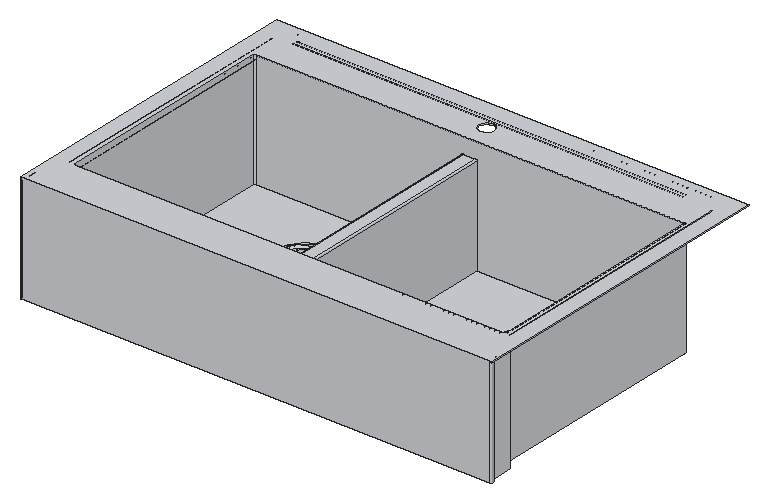
Revit family "Sink-Kitchen-KOHLER-Vault-K-3944_1", category Plumbing Fixtures, host Face, Revit 2015 (continued)
Definition of nested family "K-3944"
  Dimensions and locks (in)
    aligned and locked: plane 19 to Extrusion 21 sketch curve
    aligned and locked: plane 18 to Extrusion 21 sketch curve
    aligned and locked: plane 24 to Extrusion 22 sketch curve
    aligned and locked: plane 25 to Extrusion 22 sketch curve
  Automatic sketch dimensions
    Extrusion 1 sketch curve to plane 4 = 0"
    plane 15 to Extrusion 1 sketch curve = 0"
    Extrusion 1 sketch curve to plane 5 = 0"
    plane 7 to Extrusion 1 sketch curve = 0"
    Extrusion 1 sketch curve to plane 6 = 0"
    plane 15 to Extrusion 1 sketch curve = 39/256"
    plane 4 to Extrusion 1 sketch curve = 1.514"
    plane 12 to Extrusion 1 sketch curve = 0.07225"
    Extrusion 1 sketch curve to Extrusion 1 sketch curve = 39/256"  (x2)
    plane 5 to Extrusion 1 sketch curve = 1.66767"
    plane 5 to Extrusion 1 sketch curve = 1.66634"
    plane 11 "A" to Extrusion 2 sketch curve = 0.0585"
    Extrusion 2 sketch curve to plane 3 "Center (Left/Right)" = 9/16"
    Extrusion 2 sketch curve to Extrusion 2 sketch curve = 0.10906"
    plane 3 "Center (Left/Right)" to Extrusion 2 sketch curve = 0.45607"
    plane 3 "Center (Left/Right)" to Extrusion 2 sketch curve = 0.56138"
    Extrusion 2 sketch curve to level = 1.36069"
    plane 15 to Extrusion 3 sketch curve = 0"
    Extrusion 3 sketch curve to plane 12 = 0"
    plane 12 to Extrusion 3 sketch curve = 39/256"
    plane 4 to Extrusion 3 sketch curve = 1.514"
    Extrusion 3 sketch curve to Extrusion 3 sketch curve = 39/256"
    plane 5 to Extrusion 3 sketch curve = 1.66767"
    plane 15 to Extrusion 3 sketch curve = 39/256"
    plane 5 to Extrusion 3 sketch curve = 1.66634"
    Extrusion 4 sketch curve to plane 3 "Center (Left/Right)" = 0.57222"
    Extrusion 4 sketch curve to Extrusion 4 sketch curve = 0.10906"  (x2)
    plane 3 "Center (Left/Right)" to Extrusion 4 sketch curve = 0.46076"
    plane 11 "A" to Extrusion 4 sketch curve = 0.00059"
    Extrusion 4 sketch curve to level = 1.34211"
    Extrusion 5 sketch curve to plane 15 = 0.01802"
    plane 6 to Extrusion 5 sketch curve = 0.06825"
    plane 11 "A" to Extrusion 5 sketch curve = 0.0585"
    Extrusion 5 sketch curve to level = 1/16"
    plane 11 "A" to Extrusion 6 sketch curve = 0.08373"
    plane 5 to Extrusion 6 sketch curve = 1 1/2"
    Extrusion 6 sketch curve to plane 5 = 0.02642"
    Extrusion 6 sketch curve to level = 1/16"
    Extrusion 7 sketch curve to plane 4 = 0.0846"
    plane 11 "A" to Extrusion 7 sketch curve = 0.12841"
    plane 4 to Extrusion 7 sketch curve = 1.42879"
    Extrusion 7 sketch curve to level = 1/16"
    Extrusion 8 sketch curve to plane 12 = 0"
    plane 11 "A" to Extrusion 8 sketch curve = 0.0585"
    plane 7 to Extrusion 8 sketch curve = 1/4"
    Extrusion 8 sketch curve to level = 1/16"
    plane 7 to Extrusion 9 sketch curve = 0"
    Extrusion 9 sketch curve to plane 13 = 0"  (x2)
    plane 4 to Extrusion 9 sketch curve = 0.06592"
    Extrusion 9 sketch curve to Extrusion 9 sketch curve = 0.02069"
    Extrusion 9 sketch curve to Extrusion 9 sketch curve = 0.03794"
    Extrusion 9 sketch curve to Extrusion 9 sketch curve = 0.0014"
    plane 4 to Extrusion 9 sketch curve = 0.19355"
    Extrusion 9 sketch curve to Extrusion 9 sketch curve = 0.00114"  (x2)
    Extrusion 9 sketch curve to Extrusion 9 sketch curve = 0.03064"
    Extrusion 9 sketch curve to Extrusion 9 sketch curve = 0.02457"  (x2)
    plane 4 to Extrusion 9 sketch curve = 0.25711"
    Extrusion 9 sketch curve to Extrusion 9 sketch curve = 0.048"  (x2)
    plane 5 to Extrusion 9 sketch curve = 0.30511"
    Extrusion 9 sketch curve to Extrusion 9 sketch curve = 0.00721"
    Extrusion 9 sketch curve to Extrusion 9 sketch curve = 0.06242"
    plane 5 to Extrusion 9 sketch curve = 0.12455"
    Extrusion 9 sketch curve to Extrusion 9 sketch curve = 0.00036"
    Extrusion 9 sketch curve to Extrusion 9 sketch curve = 0.03758"
    Extrusion 9 sketch curve to Extrusion 9 sketch curve = 0.02222"
    Extrusion 9 sketch curve to plane 7 = 0.03304"
    Extrusion 9 sketch curve to Extrusion 9 sketch curve = 0.07864"  (x2)
    Extrusion 9 sketch curve to Extrusion 9 sketch curve = 0.00791"
    Extrusion 9 sketch curve to Extrusion 9 sketch curve = 0.00839"
    Extrusion 9 sketch curve to Extrusion 9 sketch curve = 0.09428"  (x2)
    Extrusion 9 sketch curve to Extrusion 9 sketch curve = 0.04124"  (x2)
    Blend 10 sketch curve to plane 12 = 0"
    Blend 10 sketch curve to plane 15 = 0.01802"
    plane 3 "Center (Left/Right)" to Blend 10 sketch curve = 0.56138"
    plane 5 to Blend 10 sketch curve = 1 1/2"
    Blend 10 sketch curve to Blend 10 sketch curve = 0"  (x12)
    plane 8 to Blend 10 sketch curve = 0"
    plane 16 to Blend 10 sketch curve = 0"
    Blend 10 sketch curve to plane 8 = 1.74236"
    Blend 10 sketch curve to plane 8 = 1.78443"
    plane 8 to Blend 10 sketch curve = 1.72914"
    plane 8 to Blend 10 sketch curve = 1.90496"
    Blend 10 sketch curve to plane 1 "Center (Front/Back)" = 1.0243"
    Revolve 11 sketch curve to plane 8 = 0.08267"  (x2)
    plane 11 "A" to Revolve 11 sketch curve = 0.04158"
    plane 8 to Revolve 11 sketch curve = 1.51423"
    Revolve 11 sketch curve to plane 11 "A" = 0.01219"
    Revolve 11 sketch curve to Revolve 11 sketch curve = 0.40696"
    Revolve 11 sketch curve to plane 10 "B" = 0.26714"
    plane 10 "B" to Revolve 11 sketch curve = 0.15269"
    plane 10 "B" to Revolve 12 sketch curve = 0.07793"
    Revolve 12 sketch curve to plane 8 = 0.0791"  (x2)
    Revolve 12 sketch curve to plane 8 = 0.07653"
    Revolve 12 sketch curve to plane 8 = 0.00212"
    Revolve 12 sketch curve to plane 11 "A" = 0.08213"
    plane 8 to Revolve 12 sketch curve = 0.2375"
    plane 10 "B" to Revolve 12 sketch curve = 0.11031"
    Revolve 12 sketch curve to Revolve 12 sketch curve = 1.07508"
    Revolve 12 sketch curve to Revolve 12 sketch curve = 0.02238"
    Revolve 12 sketch curve to Revolve 12 sketch curve = 0.0363"
    Revolve 12 sketch curve to Revolve 12 sketch curve = 0.02051"
    Revolve 12 sketch curve to Revolve 12 sketch curve = 0.03717"
    Revolve 12 sketch curve to Revolve 12 sketch curve = 0.03807"
    Revolve 12 sketch curve to plane 11 "A" = 0.00898"
    Revolve 12 sketch curve to Revolve 12 sketch curve = 0.30096"
    Revolve 12 sketch curve to Revolve 12 sketch curve = 0.40583"
    Revolve 12 sketch curve to Revolve 12 sketch curve = 0.04509"
    Revolve 12 sketch curve to plane 10 "B" = 0.40379"
    Revolve 12 sketch curve to Revolve 12 sketch curve = 0.05285"
    Revolve 12 sketch curve to plane 10 "B" = 0.52456"
    plane 11 "A" to Revolve 12 sketch curve = 0.13146"
    Revolve 12 sketch curve to Revolve 12 sketch curve = 0.03736"
    Revolve 12 sketch curve to plane 11 "A" = 0.06756"
    Revolve 12 sketch curve to Revolve 12 sketch curve = 0.07271"
    Revolve 12 sketch curve to Revolve 12 sketch curve = 0"  (x3)
    Revolve 12 sketch curve to plane 10 "B" = 0.20698"
    Revolve 12 sketch curve to Revolve 12 sketch curve = 0.04575"
    Extrusion 13 sketch curve to Extrusion 13 sketch curve = 0"  (x2)
    Extrusion 13 sketch curve to plane 8 = 0.08267"
    plane 16 to Extrusion 13 sketch curve = 0.09181"
    Extrusion 13 sketch curve to Extrusion 13 sketch curve = 1.78464"
    Revolve 14 sketch curve to plane 9 = 0.08267"  (x2)
    plane 11 "A" to Revolve 14 sketch curve = 0.04158"
    plane 9 to Revolve 14 sketch curve = 1.51423"
    Revolve 14 sketch curve to plane 11 "A" = 0.01219"
    Revolve 14 sketch curve to Revolve 14 sketch curve = 0.40696"
    plane 10 "B" to Revolve 14 sketch curve = 0.15269"
    Revolve 14 sketch curve to plane 10 "B" = 0.26714"
    Revolve 15 sketch curve to plane 10 "B" = 0"
    Revolve 15 sketch curve to plane 9 = 0.0791"  (x2)
    Revolve 15 sketch curve to plane 9 = 0.07653"
    Revolve 15 sketch curve to plane 9 = 0.00212"
    Revolve 15 sketch curve to plane 11 "A" = 0.08213"
    plane 9 to Revolve 15 sketch curve = 0.2375"
    plane 10 "B" to Revolve 15 sketch curve = 0.09062"
    Revolve 15 sketch curve to Revolve 15 sketch curve = 1.07508"
    Revolve 15 sketch curve to Revolve 15 sketch curve = 0.02238"
    plane 10 "B" to Revolve 15 sketch curve = 0.02051"
    Revolve 15 sketch curve to Revolve 15 sketch curve = 0.0363"
    Revolve 15 sketch curve to Revolve 15 sketch curve = 0.03717"
    Revolve 15 sketch curve to Revolve 15 sketch curve = 0.03807"
    Revolve 15 sketch curve to plane 11 "A" = 0.00898"
    Revolve 15 sketch curve to Revolve 15 sketch curve = 0.30096"
    Revolve 15 sketch curve to Revolve 15 sketch curve = 0.40583"
    Revolve 15 sketch curve to Revolve 15 sketch curve = 0.04509"
    Revolve 15 sketch curve to plane 11 "A" = 0.14027"
    Revolve 15 sketch curve to Revolve 15 sketch curve = 0.01457"
    plane 11 "A" to Revolve 15 sketch curve = 0.0941"
    Revolve 15 sketch curve to Revolve 15 sketch curve = 0.03736"
    Revolve 15 sketch curve to plane 10 "B" = 0.40379"
    Revolve 15 sketch curve to Revolve 15 sketch curve = 0.05285"
    Revolve 15 sketch curve to plane 10 "B" = 0.52456"
    Revolve 15 sketch curve to Revolve 15 sketch curve = 0"  (x3)
    Revolve 15 sketch curve to Revolve 15 sketch curve = 0.03218"
    Revolve 15 sketch curve to plane 10 "B" = 0.20698"
    Extrusion 16 sketch curve to Extrusion 16 sketch curve = 0"  (x2)
    plane 9 to Extrusion 16 sketch curve = 0.08267"
    Extrusion 16 sketch curve to plane 16 = 0.09181"
    Extrusion 16 sketch curve to Extrusion 16 sketch curve = 1.78464"
    Masking region 1 sketch curve to plane 4 = 0"
    Masking region 1 sketch curve to plane 6 = 0"
    plane 7 to Masking region 1 sketch curve = 0"
    Masking region 1 sketch curve to plane 5 = 0"
    plane 4 to Masking region 1 sketch curve = 0.0775"
    Masking region 1 sketch curve to Masking region 1 sketch curve = 5/64"
    plane 5 to Masking region 1 sketch curve = 5/64"  (x2)
    plane 5 to Extrusion 17 sketch curve = 1.42075"
    Extrusion 17 sketch curve to level = 0.24555"
    Extrusion 17 sketch curve to Extrusion 17 sketch curve = 0.00836"  (x2)
    Extrusion 17 sketch curve to Extrusion 17 sketch curve = 0.03"
    Extrusion 17 sketch curve to level = 0.25439"
    Extrusion 17 sketch curve to Extrusion 17 sketch curve = 0.00788"
    Extrusion 17 sketch curve to Extrusion 17 sketch curve = 0.02625"  (x2)
    Extrusion 17 sketch curve to Extrusion 17 sketch curve = 0"  (x2)
    Extrusion 17 sketch curve to Extrusion 17 sketch curve = 0.03261"
    Extrusion 17 sketch curve to Extrusion 17 sketch curve = 0.02646"
    Extrusion 17 sketch curve to level = 0.08846"
    Extrusion 17 sketch curve to Extrusion 17 sketch curve = 0.06095"
    Extrusion 17 sketch curve to level = 0.10762"
    Extrusion 17 sketch curve to Extrusion 17 sketch curve = 0.02358"
    Extrusion 17 sketch curve to Extrusion 17 sketch curve = 0.02132"
    Extrusion 17 sketch curve to Extrusion 17 sketch curve = 0.00483"
    Extrusion 17 sketch curve to Extrusion 17 sketch curve = 0.12809"
    Extrusion 17 sketch curve to Extrusion 17 sketch curve = 0.00463"
    Extrusion 17 sketch curve to level = 0.10741"
    Extrusion 17 sketch curve to Extrusion 17 sketch curve = 0.02117"
    Extrusion 17 sketch curve to Extrusion 17 sketch curve = 0.2"
    Extrusion 17 sketch curve to level = 0.08843"
    Extrusion 17 sketch curve to Extrusion 17 sketch curve = 0.02369"
    Extrusion 17 sketch curve to Extrusion 17 sketch curve = 0.015"
    Extrusion 17 sketch curve to Extrusion 17 sketch curve = 0.05643"
    Extrusion 17 sketch curve to Extrusion 17 sketch curve = 0.02906"
    Extrusion 17 sketch curve to level = 0.25374"
    Extrusion 17 sketch curve to Extrusion 17 sketch curve = 0.00826"
    Extrusion 17 sketch curve to level = 0.2455"
    Extrusion 17 sketch curve to Extrusion 17 sketch curve = 0.02987"
    Extrusion 17 sketch curve to Extrusion 17 sketch curve = 0.17628"
    Extrusion 17 sketch curve to Extrusion 17 sketch curve = 0.17797"
    Extrusion 17 sketch curve to Extrusion 17 sketch curve = 0.14458"
    Extrusion 17 sketch curve to Extrusion 17 sketch curve = 0.00032"
    Extrusion 17 sketch curve to Extrusion 17 sketch curve = 0.14617"
    Extrusion 17 sketch curve to Extrusion 17 sketch curve = 0.0002"
    Extrusion 17 sketch curve to Extrusion 17 sketch curve = 0.01506"
    plane 4 to Extrusion 18 sketch curve = 0.90982"
    Extrusion 18 sketch curve to level = 0.24555"
    Extrusion 18 sketch curve to Extrusion 18 sketch curve = 0.00836"  (x2)
    Extrusion 18 sketch curve to Extrusion 18 sketch curve = 0.03"
    Extrusion 18 sketch curve to level = 0.25439"
    Extrusion 18 sketch curve to Extrusion 18 sketch curve = 0.00788"
    Extrusion 18 sketch curve to Extrusion 18 sketch curve = 0.02625"  (x2)
    Extrusion 18 sketch curve to Extrusion 18 sketch curve = 0"  (x2)
    Extrusion 18 sketch curve to Extrusion 18 sketch curve = 0.03261"
    Extrusion 18 sketch curve to Extrusion 18 sketch curve = 0.02646"
    Extrusion 18 sketch curve to level = 0.08846"
    Extrusion 18 sketch curve to Extrusion 18 sketch curve = 0.06095"
    Extrusion 18 sketch curve to level = 0.10762"
    Extrusion 18 sketch curve to Extrusion 18 sketch curve = 0.02358"
    Extrusion 18 sketch curve to Extrusion 18 sketch curve = 0.02132"
    Extrusion 18 sketch curve to Extrusion 18 sketch curve = 0.00483"
    Extrusion 18 sketch curve to Extrusion 18 sketch curve = 0.12809"
    Extrusion 18 sketch curve to Extrusion 18 sketch curve = 0.00463"
    Extrusion 18 sketch curve to level = 0.10741"
    Extrusion 18 sketch curve to Extrusion 18 sketch curve = 0.02117"
    Extrusion 18 sketch curve to Extrusion 18 sketch curve = 0.2"
    Extrusion 18 sketch curve to level = 0.08843"
    Extrusion 18 sketch curve to Extrusion 18 sketch curve = 0.02369"
    Extrusion 18 sketch curve to Extrusion 18 sketch curve = 0.015"
    Extrusion 18 sketch curve to Extrusion 18 sketch curve = 0.05643"
    Extrusion 18 sketch curve to Extrusion 18 sketch curve = 0.02906"
    Extrusion 18 sketch curve to level = 0.25374"
    Extrusion 18 sketch curve to Extrusion 18 sketch curve = 0.00826"
    Extrusion 18 sketch curve to level = 0.2455"
    Extrusion 18 sketch curve to Extrusion 18 sketch curve = 0.02987"
    Extrusion 18 sketch curve to Extrusion 18 sketch curve = 0.17628"
    Extrusion 18 sketch curve to Extrusion 18 sketch curve = 0.17797"
    Extrusion 18 sketch curve to Extrusion 18 sketch curve = 0.14458"
    Extrusion 18 sketch curve to Extrusion 18 sketch curve = 0.00032"
    Extrusion 18 sketch curve to Extrusion 18 sketch curve = 0.14617"
    Extrusion 18 sketch curve to Extrusion 18 sketch curve = 0.0002"
    Extrusion 18 sketch curve to Extrusion 18 sketch curve = 0.01506"
    Extrusion 19 sketch curve to plane 6 = 0.80623"
    Extrusion 19 sketch curve to level = 0.24555"
    Extrusion 19 sketch curve to Extrusion 19 sketch curve = 0.00836"  (x2)
    Extrusion 19 sketch curve to Extrusion 19 sketch curve = 0.03"
    Extrusion 19 sketch curve to level = 0.25439"
    Extrusion 19 sketch curve to Extrusion 19 sketch curve = 0.00788"
    Extrusion 19 sketch curve to Extrusion 19 sketch curve = 0.02625"  (x2)
    Extrusion 19 sketch curve to Extrusion 19 sketch curve = 0"  (x2)
    Extrusion 19 sketch curve to Extrusion 19 sketch curve = 0.03261"
    Extrusion 19 sketch curve to Extrusion 19 sketch curve = 0.02646"
    Extrusion 19 sketch curve to level = 0.08846"
    Extrusion 19 sketch curve to Extrusion 19 sketch curve = 0.06095"
    Extrusion 19 sketch curve to level = 0.10762"
    Extrusion 19 sketch curve to Extrusion 19 sketch curve = 0.02358"
    Extrusion 19 sketch curve to Extrusion 19 sketch curve = 0.02132"
    Extrusion 19 sketch curve to Extrusion 19 sketch curve = 0.00483"
    Extrusion 19 sketch curve to Extrusion 19 sketch curve = 0.12809"
    Extrusion 19 sketch curve to Extrusion 19 sketch curve = 0.00463"
    Extrusion 19 sketch curve to level = 0.10741"
    Extrusion 19 sketch curve to Extrusion 19 sketch curve = 0.02117"
    Extrusion 19 sketch curve to Extrusion 19 sketch curve = 0.2"
    Extrusion 19 sketch curve to level = 0.08843"
    Extrusion 19 sketch curve to Extrusion 19 sketch curve = 0.02369"
    Extrusion 19 sketch curve to Extrusion 19 sketch curve = 0.015"
    Extrusion 19 sketch curve to Extrusion 19 sketch curve = 0.05643"
    Extrusion 19 sketch curve to Extrusion 19 sketch curve = 0.02906"
    Extrusion 19 sketch curve to level = 0.25374"
    Extrusion 19 sketch curve to Extrusion 19 sketch curve = 0.00826"
    Extrusion 19 sketch curve to level = 0.2455"
    Extrusion 19 sketch curve to Extrusion 19 sketch curve = 0.02987"
    Extrusion 19 sketch curve to Extrusion 19 sketch curve = 0.17628"
    Extrusion 19 sketch curve to Extrusion 19 sketch curve = 0.17797"
    Extrusion 19 sketch curve to Extrusion 19 sketch curve = 0.14458"
    Extrusion 19 sketch curve to Extrusion 19 sketch curve = 0.00032"
    Extrusion 19 sketch curve to Extrusion 19 sketch curve = 0.14617"
    Extrusion 19 sketch curve to Extrusion 19 sketch curve = 0.0002"
    Extrusion 19 sketch curve to Extrusion 19 sketch curve = 0.01506"
    Extrusion 20 sketch curve to plane 3 "Center (Left/Right)" = 0"
    Extrusion 20 sketch curve to plane 17 = 0"
    Extrusion 23 sketch curve to plane 16 = 0.08514"  (x2)
    Extrusion 23 sketch curve to plane 8 = 1.34211"
    Extrusion 23 sketch curve to Extrusion 23 sketch curve = 0"
    Extrusion 23 sketch curve to Extrusion 23 sketch curve = 0.10363"  (x4)
    Extrusion 23 sketch curve to Extrusion 23 sketch curve = 0.14339"  (x8)
    Extrusion 23 sketch curve to Extrusion 23 sketch curve = 0.34624"  (x2)
    Extrusion 23 sketch curve to plane 16 = 0.11543"  (x2)
    Extrusion 23 sketch curve to Extrusion 23 sketch curve = 0.22311"  (x8)
    Extrusion 23 sketch curve to Extrusion 23 sketch curve = 0.15396"  (x4)
    Extrusion 23 sketch curve to Extrusion 23 sketch curve = 0.20479"  (x8)
    Extrusion 23 sketch curve to Extrusion 23 sketch curve = 0.21271"  (x8)
    Extrusion 23 sketch curve to plane 16 = 0.12677"  (x2)
    Extrusion 23 sketch curve to Extrusion 23 sketch curve = 0.21768"  (x2)
    Extrusion 23 sketch curve to Extrusion 23 sketch curve = 0.22324"  (x8)
    Extrusion 23 sketch curve to Extrusion 23 sketch curve = 0.27883"  (x4)
    Extrusion 23 sketch curve to Extrusion 23 sketch curve = 0.24485"  (x4)
    Extrusion 23 sketch curve to plane 8 = 0.08287"  (x4)
    Extrusion 23 sketch curve to plane 8 = 0.07163"  (x2)
    plane 8 to Extrusion 23 sketch curve = 0.19686"  (x2)
    plane 8 to Extrusion 23 sketch curve = 0.20087"  (x2)
    plane 8 to Extrusion 23 sketch curve = 0.21349"  (x2)
    Extrusion 23 sketch curve to Extrusion 23 sketch curve = 0.28472"  (x4)
    Extrusion 23 sketch curve to Extrusion 23 sketch curve = 0.26667"  (x4)
    Extrusion 23 sketch curve to Extrusion 23 sketch curve = 0.08524"  (x2)
    Extrusion 23 sketch curve to Extrusion 23 sketch curve = 0.14136"  (x4)
    Extrusion 23 sketch curve to Extrusion 23 sketch curve = 0.05316"  (x2)
    Extrusion 23 sketch curve to Extrusion 23 sketch curve = 0.10149"  (x4)
    Extrusion 23 sketch curve to Extrusion 23 sketch curve = 0.04805"  (x2)
    plane 16 to Extrusion 23 sketch curve = 0.24139"  (x2)
    plane 16 to Extrusion 23 sketch curve = 0.27168"  (x2)
    plane 16 to Extrusion 23 sketch curve = 0.28302"  (x2)
    plane 16 to Extrusion 24 sketch curve = 0.08514"  (x2)
    plane 9 to Extrusion 24 sketch curve = 1.34211"
    Extrusion 24 sketch curve to Extrusion 24 sketch curve = 0"
    Extrusion 24 sketch curve to Extrusion 24 sketch curve = 0.10363"  (x4)
    Extrusion 24 sketch curve to Extrusion 24 sketch curve = 0.14339"  (x8)
    Extrusion 24 sketch curve to Extrusion 24 sketch curve = 0.34624"  (x2)
    plane 16 to Extrusion 24 sketch curve = 0.11543"  (x2)
    Extrusion 24 sketch curve to Extrusion 24 sketch curve = 0.22311"  (x8)
    Extrusion 24 sketch curve to Extrusion 24 sketch curve = 0.15396"  (x4)
    Extrusion 24 sketch curve to Extrusion 24 sketch curve = 0.20479"  (x8)
    Extrusion 24 sketch curve to Extrusion 24 sketch curve = 0.21271"  (x8)
    plane 16 to Extrusion 24 sketch curve = 0.12677"  (x2)
    Extrusion 24 sketch curve to Extrusion 24 sketch curve = 0.21768"  (x2)
    Extrusion 24 sketch curve to Extrusion 24 sketch curve = 0.22324"  (x8)
    Extrusion 24 sketch curve to Extrusion 24 sketch curve = 0.27883"  (x4)
    Extrusion 24 sketch curve to Extrusion 24 sketch curve = 0.24485"  (x4)
    plane 9 to Extrusion 24 sketch curve = 0.08287"  (x4)
    plane 9 to Extrusion 24 sketch curve = 0.07163"  (x2)
    Extrusion 24 sketch curve to plane 9 = 0.19686"  (x2)
    Extrusion 24 sketch curve to plane 9 = 0.20087"  (x2)
    Extrusion 24 sketch curve to plane 9 = 0.21349"  (x2)
    Extrusion 24 sketch curve to Extrusion 24 sketch curve = 0.28472"  (x4)
    Extrusion 24 sketch curve to Extrusion 24 sketch curve = 0.26667"  (x4)
    Extrusion 24 sketch curve to Extrusion 24 sketch curve = 0.08524"  (x2)
    Extrusion 24 sketch curve to Extrusion 24 sketch curve = 0.14136"  (x4)
    Extrusion 24 sketch curve to Extrusion 24 sketch curve = 0.05316"  (x2)
    Extrusion 24 sketch curve to Extrusion 24 sketch curve = 0.10149"  (x4)
    Extrusion 24 sketch curve to Extrusion 24 sketch curve = 0.04805"  (x2)
    Extrusion 24 sketch curve to plane 16 = 0.24139"  (x2)
    Extrusion 24 sketch curve to plane 16 = 0.27168"  (x2)
    Extrusion 24 sketch curve to plane 16 = 0.28302"  (x2)
    Extrusion 25 sketch curve to plane 4 = 0"
    plane 7 to Extrusion 25 sketch curve = 0"
    Extrusion 25 sketch curve to plane 6 = 0"
    plane 15 to Extrusion 25 sketch curve = 87/256"
    plane 12 to Extrusion 25 sketch curve = 0.07225"
    Extrusion 25 sketch curve to Extrusion 25 sketch curve = 39/256"  (x2)
    plane 15 to Extrusion 25 sketch curve = 3/16"  (x2)
    Extrusion 25 sketch curve to plane 3 "Center (Left/Right)" = 0.60969"
    plane 3 "Center (Left/Right)" to Extrusion 25 sketch curve = 0.72799"
    plane 12 to Extrusion 25 sketch curve = 0.22592"
    plane 5 to Extrusion 25 sketch curve = 1.66767"
    plane 5 to Extrusion 25 sketch curve = 1.66634"
    plane 12 to Extrusion 26 sketch curve = 0.22459"
    plane 4 to Extrusion 26 sketch curve = 1.514"
    Extrusion 26 sketch curve to Extrusion 26 sketch curve = 39/256"  (x3)
    plane 5 to Extrusion 26 sketch curve = 1.66767"
    plane 15 to Extrusion 26 sketch curve = 87/256"
    plane 5 to Extrusion 26 sketch curve = 1.66634"
    Blend 27 sketch curve to plane 12 = 0"
    plane 3 "Center (Left/Right)" to Blend 27 sketch curve = 9/16"
    Blend 27 sketch curve to plane 4 = 1.42879"
    plane 15 to Blend 27 sketch curve = 0.01802"
    Blend 27 sketch curve to Blend 27 sketch curve = 0"  (x12)
    Blend 27 sketch curve to plane 16 = 0"
    Blend 27 sketch curve to plane 9 = 0.02017"
    plane 9 to Blend 27 sketch curve = 1.80834"
    Blend 27 sketch curve to plane 16 = 1.07672"
    plane 9 to Blend 27 sketch curve = 2.11049"
    plane 16 to Blend 27 sketch curve = 1.25214"
    Blend 27 sketch curve to plane 16 = 1.02411"
    plane 9 to Revolve 28 sketch curve = 0"  (x2)
    plane 9 to Revolve 28 sketch curve = 1.21418"
    Revolve 28 sketch curve to Revolve 28 sketch curve = 0.2151"
    Revolve 28 sketch curve to Revolve 28 sketch curve = 0.08414"
    Revolve 28 sketch curve to Revolve 28 sketch curve = 0.11842"
    Revolve 28 sketch curve to Revolve 28 sketch curve = 0.36487"
    Revolve 28 sketch curve to plane 10 "B" = 0.01918"
    Revolve 28 sketch curve to Revolve 28 sketch curve = 0.14364"
    plane 10 "B" to Revolve 28 sketch curve = 0.00496"
    Revolve 28 sketch curve to Revolve 28 sketch curve = 0.01853"
    plane 10 "B" to Revolve 28 sketch curve = 0.07157"
    Revolve 28 sketch curve to Revolve 28 sketch curve = 0.24856"
    Revolve 28 sketch curve to plane 10 "B" = 0.27905"
    Revolve 28 sketch curve to Revolve 28 sketch curve = 0.53869"
    Revolve 28 sketch curve to Revolve 28 sketch curve = 0.50448"
    Revolve 28 sketch curve to Revolve 28 sketch curve = 1.12951"
    Revolve 28 sketch curve to Revolve 28 sketch curve = 0.57766"
    Revolve 29 sketch curve to plane 8 = 0"  (x2)
    plane 8 to Revolve 29 sketch curve = 1.21418"
    Revolve 29 sketch curve to Revolve 29 sketch curve = 0.2151"
    Revolve 29 sketch curve to Revolve 29 sketch curve = 0.08414"
    Revolve 29 sketch curve to Revolve 29 sketch curve = 0.11842"
    Revolve 29 sketch curve to Revolve 29 sketch curve = 0.36487"
    Revolve 29 sketch curve to plane 10 "B" = 0.01918"
    Revolve 29 sketch curve to Revolve 29 sketch curve = 0.14364"
    plane 10 "B" to Revolve 29 sketch curve = 0.00496"
    Revolve 29 sketch curve to Revolve 29 sketch curve = 0.01853"
    plane 10 "B" to Revolve 29 sketch curve = 0.07567"
    Revolve 29 sketch curve to Revolve 29 sketch curve = 0.26389"
    Revolve 29 sketch curve to plane 10 "B" = 0.27905"
    Revolve 29 sketch curve to Revolve 29 sketch curve = 0.53869"
    Revolve 29 sketch curve to Revolve 29 sketch curve = 0.50448"
    Revolve 29 sketch curve to Revolve 29 sketch curve = 1.12951"
    Revolve 29 sketch curve to Revolve 29 sketch curve = 0.57766"
    curve 7 to curve 93 = 0"  (x2)
    curve 7 to curve 94 = 0"  (x2)
    curve 31 to curve 32 = 0"  (x2)
    curve 31 to curve 153 = 0"  (x2)
    curve 32 to curve 153 = 0"  (x2)
    curve 33 to curve 34 = 0"  (x2)
    curve 35 to curve 36 = 0"  (x2)
    curve 35 to curve 154 = 0"  (x2)
    curve 36 to curve 154 = 0"  (x2)
    curve 37 to curve 38 = 0"  (x2)
    curve 93 to curve 94 = 0"  (x2)
    curve 96 to curve 151 = 0"  (x2)
    curve 96 to curve 152 = 0"  (x2)
    curve 151 to curve 152 = 0"  (x2)
    plane 15 to curve 1 = 0"
    curve 3 to plane 12 = 0"
    curve 96 to plane 9 = 0"
    curve 32 to plane 17 = 0"
    curve 153 to plane 22 = 0"
    curve 33 to plane 17 = 0"
    curve 33 to plane 3 "Center (Left/Right)" = 0"
    curve 35 to plane 17 = 0"
    curve 36 to plane 23 = 0"
    curve 94 to plane 8 = 0"
    curve 38 to plane 17 = 0"
    curve 37 to plane 21 = 0"
    curve 93 to plane 16 = 0"
    curve 151 to plane 16 = 0"
    plane 9 to curve 148 = 0.00202"
    plane 9 to curve 134 = 0.00202"
    plane 9 to curve 147 = 0.00202"
    plane 9 to curve 133 = 0.00202"
    plane 9 to curve 115 = 0.01326"
    plane 9 to curve 102 = 0.01326"
    plane 9 to curve 107 = 0.28175"
    plane 9 to curve 120 = 0.28175"
    curve 101 to curve 102 = 0.27251"
    curve 114 to curve 115 = 0.27251"
    plane 9 to curve 121 = 0.29838"
    plane 9 to curve 108 = 0.29838"
    curve 109 to curve 108 = 0.22324"
    curve 122 to curve 121 = 0.22324"  (x2)
    curve 106 to curve 107 = 0.24485"
    curve 119 to curve 120 = 0.24485"
    curve 113 to curve 114 = 0.27883"
    curve 100 to curve 101 = 0.27883"
    curve 118 to curve 119 = 0.21271"  (x2)
    curve 105 to curve 106 = 0.21271"
    curve 99 to curve 100 = 0.20479"
    curve 112 to curve 113 = 0.20479"
    curve 104 to curve 105 = 0.15396"
    curve 117 to curve 118 = 0.15396"
    curve 98 to curve 99 = 0.22311"
    curve 111 to curve 112 = 0.22311"  (x2)
    curve 97 to curve 98 = 0.14339"
    curve 110 to curve 111 = 0.14339"
    curve 116 to curve 110 = 0.10363"
    curve 103 to plane 16 = 0.13849"
    curve 103 to curve 97 = 0.10363"
    plane 15 to curve 8 = 3/16"
    plane 4 to curve 8 = 1.66634"
    curve 1 to curve 9 = 39/256"
    curve 132 to plane 9 = 0.29946"
    curve 146 to plane 9 = 0.29946"
    curve 141 to plane 9 = 0.30348"
    curve 127 to plane 9 = 0.30348"
    curve 135 to plane 9 = 0.31609"
    curve 149 to plane 9 = 0.31609"
    curve 135 to curve 136 = 0.22324"
    curve 149 to curve 150 = 0.22324"
    curve 132 to curve 131 = 0.24485"
    curve 146 to curve 145 = 0.24485"
    curve 141 to curve 140 = 0.27883"
    curve 127 to curve 126 = 0.27883"
    curve 131 to curve 130 = 0.21271"  (x2)
    curve 145 to curve 144 = 0.21271"
    curve 126 to curve 125 = 0.20479"
    curve 140 to curve 139 = 0.20479"
    curve 144 to curve 143 = 0.15396"
    curve 130 to curve 129 = 0.15396"
    curve 125 to curve 124 = 0.22311"  (x2)
    curve 139 to curve 138 = 0.22311"
    curve 124 to curve 123 = 0.14339"
    curve 138 to curve 137 = 0.14339"
    curve 137 to curve 142 = 0.10363"
    curve 128 to plane 16 = 0.13849"
    curve 123 to curve 128 = 0.10363"
    curve 25 to plane 3 "Center (Left/Right)" = 0.95866"
    plane 12 to curve 13 = 0.19725"
    plane 3 "Center (Left/Right)" to curve 13 = 223/256"
    plane 16 to curve 84 = 0.18804"
    curve 84 to plane 8 = 1.25722"
    curve 70 to plane 16 = 0.13849"
    curve 70 to curve 84 = 0"
    curve 84 to curve 79 = 0.10363"
    curve 70 to curve 65 = 0.10363"
    curve 65 to curve 66 = 0.14339"
    curve 79 to curve 80 = 0.14339"
    curve 71 to plane 16 = 0.16878"
    curve 70 to curve 71 = 0.34624"
    curve 84 to curve 85 = 0.34624"
    curve 66 to curve 67 = 0.22311"
    curve 80 to curve 81 = 0.22311"  (x2)
    curve 71 to curve 72 = 0.15396"
    curve 85 to curve 86 = 0.15396"
    curve 67 to curve 68 = 0.20479"
    curve 81 to curve 82 = 0.20479"
    curve 86 to curve 87 = 0.21271"  (x2)
    curve 72 to curve 73 = 0.21271"
    curve 72 to curve 78 = 0.21768"
    curve 86 to curve 92 = 0.21768"
    curve 78 to curve 77 = 0.22324"
    curve 92 to curve 91 = 0.22324"  (x2)
    curve 68 to curve 69 = 0.27883"
    curve 82 to curve 83 = 0.27883"
    curve 87 to curve 88 = 0.24485"
    curve 73 to curve 74 = 0.24485"
    plane 8 to curve 75 = 0.00202"
    plane 8 to curve 76 = 0.00202"
    plane 8 to curve 90 = 0.00202"
    plane 8 to curve 89 = 0.00202"
    plane 8 to curve 57 = 0.01326"
    plane 8 to curve 44 = 0.01326"
    plane 8 to curve 49 = 0.28175"
    plane 8 to curve 62 = 0.28175"
    curve 57 to curve 56 = 0.27251"
    curve 44 to curve 43 = 0.27251"
    plane 8 to curve 63 = 0.29838"
    plane 8 to curve 50 = 0.29838"
    curve 50 to curve 51 = 0.22324"
    curve 63 to curve 64 = 0.22324"
    curve 49 to curve 48 = 0.24485"
    curve 62 to curve 61 = 0.24485"
    curve 43 to curve 42 = 0.27883"
    curve 56 to curve 55 = 0.27883"
    curve 61 to curve 60 = 0.21271"
    curve 48 to curve 47 = 0.21271"  (x2)
    curve 55 to curve 54 = 0.20479"
    curve 42 to curve 41 = 0.20479"
    curve 47 to curve 46 = 0.15396"
    curve 60 to curve 59 = 0.15396"
    curve 54 to curve 53 = 0.22311"
    curve 41 to curve 40 = 0.22311"  (x2)
    curve 40 to curve 39 = 0.14339"
    curve 53 to curve 52 = 0.14339"
    curve 45 to plane 16 = 0.13849"
    curve 39 to curve 45 = 0.10363"
    curve 52 to curve 58 = 0.10363"
    plane 15 to curve 15 = 3/16"
    plane 5 to curve 15 = 1 193/256"
    curve 13 to curve 3 = 0.23991"
    plane 12 to curve 10 = 0.19725"
    curve 102 to plane 16 = 1.14403"
    curve 44 to plane 16 = 1.14403"
    curve 44 to curve 43 = 0.04805"
    curve 44 to curve 69 = 0.04805"
    curve 102 to curve 127 = 0.04805"
    curve 102 to curve 101 = 0.04805"
    curve 101 to curve 100 = 0.10149"
    curve 127 to curve 126 = 0.10149"
    curve 43 to curve 42 = 0.10149"
    curve 69 to curve 68 = 0.10149"
    curve 100 to curve 99 = 0.14339"
    curve 68 to curve 67 = 0.14339"
    curve 126 to curve 125 = 0.14339"
    curve 42 to curve 41 = 0.14339"
    curve 44 to curve 75 = 0.30135"
    curve 102 to curve 133 = 0.30135"
    curve 75 to curve 49 = 0.05316"
    curve 133 to curve 107 = 0.05316"
    curve 133 to curve 132 = 0.05316"
    curve 75 to curve 74 = 0.05316"
    curve 132 to curve 131 = 0.14136"
    curve 49 to curve 48 = 0.14136"
    curve 74 to curve 73 = 0.14136"
    curve 107 to curve 106 = 0.14136"
    curve 99 to curve 98 = 0.22311"
    curve 67 to curve 66 = 0.22311"
    curve 133 to curve 134 = 0.35407"
    curve 75 to curve 76 = 0.35407"
    curve 106 to curve 105 = 0.21271"
    curve 73 to curve 72 = 0.21271"
    curve 98 to curve 97 = 0.20479"
    curve 40 to curve 39 = 0.20479"
    curve 124 to curve 123 = 0.20479"
    curve 66 to curve 65 = 0.20479"
    curve 76 to curve 77 = 0.08524"
    curve 76 to curve 50 = 0.08524"
    curve 134 to curve 108 = 0.08524"
    curve 134 to curve 135 = 0.08524"
    curve 78 to plane 16 = 0.18012"
    curve 51 to plane 16 = 0.18012"
    curve 136 to plane 16 = 0.18012"
    curve 109 to plane 16 = 0.18012"
    curve 129 to plane 16 = 0.16878"
    curve 104 to plane 16 = 0.16878"
    curve 46 to plane 16 = 0.16878"
    plane 16 to curve 116 = 0.18804"
    plane 16 to curve 142 = 0.18804"
    plane 16 to curve 58 = 0.18804"
    plane 16 to curve 143 = 0.21833"
    plane 16 to curve 59 = 0.21833"
    plane 16 to curve 85 = 0.21833"
    plane 16 to curve 117 = 0.21833"
    plane 16 to curve 92 = 0.22968"
    plane 16 to curve 150 = 0.22968"
    plane 16 to curve 64 = 0.22968"
    plane 16 to curve 122 = 0.22968"
    curve 150 to curve 149 = 0.22324"
    curve 64 to curve 63 = 0.22324"
    curve 116 to curve 110 = 0.28472"
    curve 142 to curve 137 = 0.28472"
    curve 84 to curve 79 = 0.28472"
    curve 58 to curve 52 = 0.28472"
    curve 143 to curve 144 = 0.26667"
    curve 117 to curve 118 = 0.26667"
    curve 59 to curve 60 = 0.26667"
    curve 85 to curve 86 = 0.26667"
    curve 121 to curve 148 = 0.08524"
    curve 63 to curve 90 = 0.08524"
    curve 110 to curve 111 = 0.20479"
    curve 79 to curve 80 = 0.20479"
    curve 52 to curve 53 = 0.20479"
    curve 137 to curve 138 = 0.20479"
    curve 144 to curve 145 = 0.21271"
    curve 60 to curve 61 = 0.21271"
    curve 87 to curve 88 = 0.14136"
    curve 61 to curve 62 = 0.14136"
    curve 119 to curve 120 = 0.14136"
    curve 145 to curve 146 = 0.14136"
    curve 62 to curve 89 = 0.05316"
    curve 120 to curve 147 = 0.05316"
    curve 138 to curve 139 = 0.22311"
    curve 53 to curve 54 = 0.22311"
    curve 81 to curve 82 = 0.14339"
    curve 112 to curve 113 = 0.14339"
    curve 139 to curve 140 = 0.14339"
    curve 54 to curve 55 = 0.14339"
    curve 82 to curve 83 = 0.10149"
    curve 140 to curve 141 = 0.10149"
    curve 55 to curve 56 = 0.10149"
    curve 113 to curve 114 = 0.10149"
    curve 56 to curve 57 = 0.04805"
    curve 114 to curve 115 = 0.04805"
    curve 26 to curve 99 = 0.29894"
    curve 24 to curve 111 = 0.52187"
    curve 125 to curve 27 = 0.28417"
    curve 138 to curve 25 = 0.50713"
    plane 22 to curve 32 = 149/256"
    curve 9 to curve 4 = 0.23991"
    curve 33 to curve 33 = 0.58302"
    curve 5 to curve 12 = 0.14311"
    curve 35 to curve 35 = 149/256"
    curve 95 to curve 81 = 0.30764"
    curve 30 to curve 67 = 0.281"
    curve 42 to curve 29 = 0.43461"
    curve 54 to curve 28 = 0.32535"
    curve 38 to plane 21 = 149/256"
    curve 29 to curve 42 = 0.50179"
    curve 27 to curve 125 = 0.59447"
    curve 26 to curve 99 = 0.58992"
    curve 111 to curve 24 = 0.31112"
    curve 138 to curve 25 = 0.31313"
    Masking region 3 sketch curve to plane 4 = 0"
    Masking region 3 sketch curve to plane 14 = 0"  (x3)
    level to Masking region 3 sketch curve = 0"
    plane 5 to Masking region 3 sketch curve = 0"
    plane 4 to Masking region 3 sketch curve = 0.10265"
    Masking region 3 sketch curve to plane 11 "A" = 0.04912"
    Masking region 3 sketch curve to Masking region 3 sketch curve = 1.32614"
    plane 11 "A" to Masking region 3 sketch curve = 0.00438"
    Masking region 3 sketch curve to Masking region 3 sketch curve = 0.04959"
    plane 10 "B" to Masking region 3 sketch curve = 0.07606"  (x4)
    plane 9 to Masking region 3 sketch curve = 2.42422"
    Masking region 3 sketch curve to plane 10 "B" = 0"  (x4)
    Masking region 3 sketch curve to Masking region 3 sketch curve = 0.28387"  (x4)
    Masking region 3 sketch curve to Masking region 3 sketch curve = 0.14225"  (x4)
    Masking region 3 sketch curve to Masking region 3 sketch curve = 0.36859"  (x4)
    Masking region 3 sketch curve to Masking region 3 sketch curve = 0.11609"  (x4)
    Masking region 3 sketch curve to Masking region 3 sketch curve = 0.0853"  (x4)
    Masking region 3 sketch curve to plane 9 = 1.42813"
    Masking region 3 sketch curve to plane 11 "A" = 0.04996"
    Masking region 3 sketch curve to plane 3 "Center (Left/Right)" = 79/128"
    plane 11 "A" to Masking region 3 sketch curve = 0.00456"
    Masking region 3 sketch curve to Masking region 3 sketch curve = 0.00429"
    plane 3 "Center (Left/Right)" to Masking region 3 sketch curve = 0.56138"
    plane 11 "A" to Masking region 3 sketch curve = 0.00447"
    Masking region 3 sketch curve to Masking region 3 sketch curve = 0.0504"
    Masking region 3 sketch curve to plane 11 "A" = 0.05005"
    plane 23 to Masking region 3 sketch curve = 1.98203"
    plane 8 to Masking region 3 sketch curve = 1.42813"
    Masking region 3 sketch curve to plane 11 "A" = 0.05002"
    plane 5 to Masking region 3 sketch curve = 1 71/128"
    plane 11 "A" to Masking region 3 sketch curve = 0.0045"
    Masking region 3 sketch curve to Masking region 3 sketch curve = 0.00419"
    plane 5 to Masking region 3 sketch curve = 0.09463"
    Masking region 3 sketch curve to Masking region 3 sketch curve = 0.55926"
    Masking region 3 sketch curve to plane 10 "B" = 0.55926"  (x3)
    Masking region 3 sketch curve to Masking region 3 sketch curve = 0.50566"  (x2)
    Extrusion 30 sketch curve to plane 9 = 0"
    Extrusion 30 sketch curve to plane 8 = 0"
    Extrusion 30 sketch curve to plane 16 = 0"  (x2)
    Masking region 2 sketch curve to plane 26 = 0"  (x6)
    Masking region 2 sketch curve to level = 0"
    plane 14 to Masking region 2 sketch curve = 0"
    Masking region 2 sketch curve to plane 13 = 0"
    Masking region 2 sketch curve to plane 12 = 0"
    Masking region 2 sketch curve to plane 10 "B" = 0"  (x2)
    Masking region 2 sketch curve to plane 6 = 0"
    Masking region 2 sketch curve to plane 13 = 1/16"
    Masking region 2 sketch curve to plane 13 = 0.22324"
    Masking region 2 sketch curve to plane 7 = 0.06358"
    Masking region 2 sketch curve to plane 7 = 0.06281"
    plane 13 to Masking region 2 sketch curve = 0.0405"
    Masking region 2 sketch curve to plane 12 = 5/128"
    plane 11 "A" to Masking region 2 sketch curve = 0.00828"
    plane 12 to Masking region 2 sketch curve = 0.18148"
    Masking region 2 sketch curve to plane 11 "A" = 0.18167"
    plane 10 "B" to Masking region 2 sketch curve = 0.07782"
    Masking region 2 sketch curve to plane 1 "Center (Front/Back)" = 0.22549"
    Masking region 2 sketch curve to Masking region 2 sketch curve = 0.29041"
    Masking region 2 sketch curve to Masking region 2 sketch curve = 0.14225"  (x2)
    Masking region 2 sketch curve to Masking region 2 sketch curve = 0.36859"  (x2)
    Masking region 2 sketch curve to plane 27 = 0.0853"
    Masking region 2 sketch curve to Masking region 2 sketch curve = 0.11609"  (x2)
    Masking region 2 sketch curve to Masking region 2 sketch curve = 0.0853"  (x2)
    plane 16 to Masking region 2 sketch curve = 1.42813"
    plane 10 "B" to Masking region 2 sketch curve = 0.07606"
    Masking region 2 sketch curve to Masking region 2 sketch curve = 0.28387"
    plane 15 to Masking region 2 sketch curve = 49/256"
    plane 11 "A" to Masking region 2 sketch curve = 0.0239"
    plane 15 to Masking region 2 sketch curve = 0.16376"
    plane 26 to Masking region 2 sketch curve = 0.2143"
    Masking region 2 sketch curve to plane 6 = 0.80623"
    plane 26 to Masking region 2 sketch curve = 0.18305"
    Masking region 2 sketch curve to Masking region 2 sketch curve = 0.00836"
    Masking region 2 sketch curve to Masking region 2 sketch curve = 0.03"
    plane 26 to Masking region 2 sketch curve = 0.19189"
    Masking region 2 sketch curve to Masking region 2 sketch curve = 0.00788"
    Masking region 2 sketch curve to Masking region 2 sketch curve = 0.02625"  (x2)
    Masking region 2 sketch curve to Masking region 2 sketch curve = 0"  (x4)
    Masking region 2 sketch curve to Masking region 2 sketch curve = 0.02646"
    plane 26 to Masking region 2 sketch curve = 0.02596"
    Masking region 2 sketch curve to Masking region 2 sketch curve = 0.06095"
    plane 26 to Masking region 2 sketch curve = 0.04512"
    Masking region 2 sketch curve to Masking region 2 sketch curve = 0.02358"
    Masking region 2 sketch curve to Masking region 2 sketch curve = 0.02132"
    Masking region 2 sketch curve to Masking region 2 sketch curve = 0.00483"
    plane 26 to Masking region 2 sketch curve = 0.05977"
    Masking region 2 sketch curve to Masking region 2 sketch curve = 0.12809"
    Masking region 2 sketch curve to Masking region 2 sketch curve = 0.00463"
    plane 26 to Masking region 2 sketch curve = 0.04491"
    Masking region 2 sketch curve to Masking region 2 sketch curve = 0.02117"
    Masking region 2 sketch curve to Masking region 2 sketch curve = 0.2"
    plane 26 to Masking region 2 sketch curve = 0.02593"
    Masking region 2 sketch curve to Masking region 2 sketch curve = 0.02369"
    Masking region 2 sketch curve to Masking region 2 sketch curve = 0.015"
    Masking region 2 sketch curve to Masking region 2 sketch curve = 0.05643"
    Masking region 2 sketch curve to Masking region 2 sketch curve = 0.02906"
    plane 26 to Masking region 2 sketch curve = 0.19124"
    Masking region 2 sketch curve to Masking region 2 sketch curve = 0.00826"
    plane 26 to Masking region 2 sketch curve = 0.183"
    Masking region 2 sketch curve to Masking region 2 sketch curve = 0.02987"
    Masking region 2 sketch curve to Masking region 2 sketch curve = 0.50566"  (x2)
    Masking region 2 sketch curve to Masking region 2 sketch curve = 0.32265"
    Masking region 2 sketch curve to Masking region 2 sketch curve = 0.0002"
    Masking region 2 sketch curve to Masking region 2 sketch curve = 0.00034"
    Masking region 2 sketch curve to Masking region 2 sketch curve = 0.00032"
    Masking region 2 sketch curve to Masking region 2 sketch curve = 0.14458"
    Masking region 2 sketch curve to Masking region 2 sketch curve = 0.14617"
    Masking region 2 sketch curve to plane 15 = 0"
    plane 17 to Masking region 2 sketch curve = 0.62575"
    plane 26 to Masking region 2 sketch curve = 0.60084"
    curve 163 to plane 4 = 0"
    curve 20 to plane 14 = 0"
    curve 21 to plane 14 = 0"
    plane 5 to curve 163 = 0"
    curve 163 to plane 26 = 0"
    plane 4 to curve 20 = 1.42879"
    plane 10 "B" to curve 22 = 0.07606"
    plane 9 to curve 22 = 2.42422"
    curve 155 to plane 10 "B" = 0"
    curve 22 to curve 155 = 0.28387"
    curve 155 to curve 159 = 0.51084"
    curve 159 to plane 10 "B" = 0.70151"
    curve 159 to plane 9 = 1.62951"
    curve 159 to curve 155 = 0.51084"
    curve 155 to curve 22 = 0.28387"
    curve 20 to plane 3 "Center (Left/Right)" = 9/16"
    plane 3 "Center (Left/Right)" to curve 21 = 0.56138"
    plane 10 "B" to curve 23 = 0.07606"
    plane 23 to curve 23 = 1.98203"
    curve 156 to plane 10 "B" = 0"
    curve 23 to curve 156 = 0.28387"
    curve 156 to curve 160 = 0.51084"
    curve 160 to plane 10 "B" = 0.70151"
    plane 8 to curve 160 = 1.62951"
    curve 160 to curve 156 = 0.51084"
    curve 156 to curve 23 = 0.28387"
    plane 5 to curve 21 = 1 1/2"
    curve 16 to plane 26 = 0"
    curve 17 to plane 26 = 0"
    curve 162 to plane 12 = 0"
    curve 157 to plane 10 "B" = 0"
    curve 162 to plane 15 = 0"
    curve 161 to plane 26 = 0"
    curve 17 to plane 12 = 5/128"
    plane 13 to curve 16 = 0.0405"
    curve 16 to plane 7 = 0.00171"
    curve 18 to plane 11 "A" = 0.00002"
    plane 12 to curve 18 = 0.14422"
    plane 10 "B" to curve 19 = 0.07782"
    curve 19 to plane 1 "Center (Front/Back)" = 0.22549"
    curve 19 to curve 157 = 0.29041"
    curve 157 to curve 158 = 0.51084"
    curve 158 to plane 10 "B" = 0.70151"
    plane 16 to curve 158 = 1.62951"
    curve 158 to curve 157 = 0.51084"
    plane 10 "B" to curve 19 = 0.07606"
    curve 157 to curve 19 = 0.28387"
    plane 15 to curve 18 = 0.10507"
    plane 17 to curve 17 = 0.62575"
    curve 161 to plane 6 = 0.66249"
    curve 161 to curve 161 = 0.13755"
    plane 26 to curve 162 = 0.60084"
    Extrusion 25 sketch curve to plane 12 = 0"
    plane 4 to Extrusion 25 sketch curve = 0"
    Extrusion 25 sketch curve to Extrusion 25 sketch curve = 1.514"
    Extrusion 25 sketch curve to plane 5 = 0"  (x2)
    Extrusion 25 sketch curve to plane 13 = 1/8"
    Extrusion 31 sketch curve to plane 4 = 0"
    Extrusion 31 sketch curve to plane 5 = 0"
    Extrusion 31 sketch curve to plane 13 = 1/8"
    Extrusion 31 sketch curve to plane 12 = 0"
    radius of Extrusion 20 sketch curve = 0.58302"
    radius of Extrusion 23 sketch curve = 0.09239"  (x54)
    radius of Extrusion 24 sketch curve = 0.09239"  (x54)
    radius of curve 7 = 1.41246"
    radius of curve 39 = 0.09239"
    radius of curve 40 = 0.09239"
    radius of curve 41 = 0.09239"
    radius of curve 42 = 0.09239"
    radius of curve 43 = 0.09239"
    radius of curve 44 = 0.09239"
    radius of curve 45 = 0.09239"
    radius of curve 46 = 0.09239"
    radius of curve 47 = 0.09239"
    radius of curve 48 = 0.09239"
    radius of curve 49 = 0.09239"
    radius of curve 50 = 0.09239"
    radius of curve 51 = 0.09239"
    radius of curve 52 = 0.09239"
    radius of curve 53 = 0.09239"
    radius of curve 54 = 0.09239"
    radius of curve 55 = 0.09239"
    radius of curve 56 = 0.09239"
    radius of curve 57 = 0.09239"
    radius of curve 58 = 0.09239"
    radius of curve 59 = 0.09239"
    radius of curve 60 = 0.09239"
    radius of curve 61 = 0.09239"
    radius of curve 62 = 0.09239"
    radius of curve 63 = 0.09239"
    radius of curve 64 = 0.09239"
    radius of curve 65 = 0.09239"
    radius of curve 66 = 0.09239"
    radius of curve 67 = 0.09239"
    radius of curve 68 = 0.09239"
    radius of curve 69 = 0.09239"
    radius of curve 70 = 0.09239"
    radius of curve 71 = 0.09239"
    radius of curve 72 = 0.09239"
    radius of curve 73 = 0.09239"
    radius of curve 74 = 0.09239"
    radius of curve 75 = 0.09239"
    radius of curve 76 = 0.09239"
    radius of curve 77 = 0.09239"
    radius of curve 78 = 0.09239"
    radius of curve 79 = 0.09239"
    radius of curve 80 = 0.09239"
    radius of curve 81 = 0.09239"
    radius of curve 82 = 0.09239"
    radius of curve 83 = 0.09239"
    radius of curve 84 = 0.09239"
    radius of curve 85 = 0.09239"
    radius of curve 86 = 0.09239"
    radius of curve 87 = 0.09239"
    radius of curve 88 = 0.09239"
    radius of curve 89 = 0.09239"
    radius of curve 90 = 0.09239"
    radius of curve 91 = 0.09239"
    radius of curve 92 = 0.09239"
    radius of curve 93 = 21/64"
    radius of curve 96 = 1.41246"
    radius of curve 97 = 0.09239"
    radius of curve 98 = 0.09239"
    radius of curve 99 = 0.09239"
    radius of curve 100 = 0.09239"
    radius of curve 101 = 0.09239"
    radius of curve 102 = 0.09239"
    radius of curve 103 = 0.09239"
    radius of curve 104 = 0.09239"
    radius of curve 105 = 0.09239"
    radius of curve 106 = 0.09239"
    radius of curve 107 = 0.09239"
    radius of curve 108 = 0.09239"
    radius of curve 109 = 0.09239"
    radius of curve 110 = 0.09239"
    radius of curve 111 = 0.09239"
    radius of curve 112 = 0.09239"
    radius of curve 113 = 0.09239"
    radius of curve 114 = 0.09239"
    radius of curve 115 = 0.09239"
    radius of curve 116 = 0.09239"
    radius of curve 117 = 0.09239"
    radius of curve 118 = 0.09239"
    radius of curve 119 = 0.09239"
    radius of curve 120 = 0.09239"
    radius of curve 121 = 0.09239"
    radius of curve 122 = 0.09239"
    radius of curve 123 = 0.09239"
    radius of curve 124 = 0.09239"
    radius of curve 125 = 0.09239"
    radius of curve 126 = 0.09239"
    radius of curve 127 = 0.09239"
    radius of curve 128 = 0.09239"
    radius of curve 129 = 0.09239"
    radius of curve 130 = 0.09239"
    radius of curve 131 = 0.09239"
    radius of curve 132 = 0.09239"
    radius of curve 133 = 0.09239"
    radius of curve 134 = 0.09239"
    radius of curve 135 = 0.09239"
    radius of curve 136 = 0.09239"
    radius of curve 137 = 0.09239"
    radius of curve 138 = 0.09239"
    radius of curve 139 = 0.09239"
    radius of curve 140 = 0.09239"
    radius of curve 141 = 0.09239"
    radius of curve 142 = 0.09239"
    radius of curve 143 = 0.09239"
    radius of curve 144 = 0.09239"
    radius of curve 145 = 0.09239"
    radius of curve 146 = 0.09239"
    radius of curve 147 = 0.09239"
    radius of curve 148 = 0.09239"
    radius of curve 149 = 0.09239"
    radius of curve 150 = 0.09239"
    radius of curve 151 = 21/64"
    radius of curve 153 = 149/256"
    radius of curve 154 = 149/256"
    radius of Extrusion 30 sketch curve = 1 1/2"  (x2)
    radius of Extrusion 21 sketch curve = 149/256"  (x2)
    radius of Extrusion 22 sketch curve = 149/256"
Types (4): name | Type | Single Hole | Product Page URL | Product Documentation Link | Model | Fourth Hole Distance | Faucet Hole Distance | 4_Hole | 3_Hole
  (no name) | 1 | yes | "http://www.us.kohler.com/us/catalog/productDetails.jsp?productNumber=3944-1" | "https://www.us.kohler.com/webassets/kpna/catalog/pdf/en/K-3944-1_spec.pdf" | "K-3944-1-NA" | 0" | 0" | no | no
  Single Hole,NA-Stainless | 1 | yes | "http://www.us.kohler.com/us/catalog/productDetails.jsp?productNumber=3944-1" | "https://www.us.kohler.com/webassets/kpna/catalog/pdf/en/K-3944-1_spec.pdf" | "K-3944-1-NA" | 0" | 0" | no | no
  3 Holes,NA-Stainless | 2 | no | "http://www.us.kohler.com/us/catalog/productDetails.jsp?productNumber=3944-3" | "https://www.us.kohler.com/webassets/kpna/catalog/pdf/en/K-3944-3_spec.pdf" | "K-3944-3-NA" | 0" | 8" | no | yes
  4 Holes,NA-Stainless | 3 | no | "http://www.us.kohler.com/us/catalog/productDetails.jsp?productNumber=3944-4" | "https://www.us.kohler.com/webassets/kpna/catalog/pdf/en/K-3944-4_spec.pdf" | "K-3944-4-NA" | 9 1/8" | 8" | yes | no
